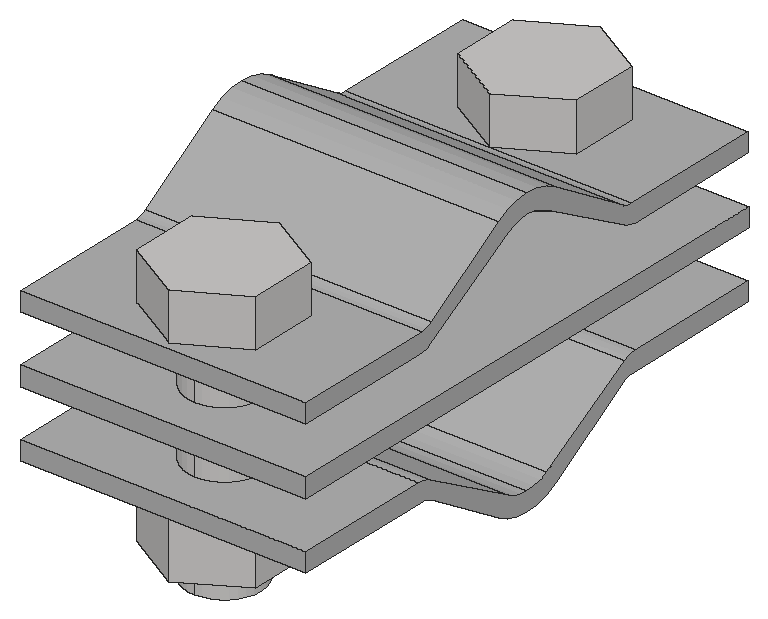
Revit family "DF_ЗажимПараллельный_Пруток_Пруток_8-10_EZETEK", category Соединительные детали воздуховодов, Revit 2017
Family settings
  Размер круглого соединителя = Использовать радиус
  Тип детали = Соединение
  На основе рабочей плоскости = Нет
  Всегда вертикально = Да
  При загрузке вырезать с полостями = Нет
  Общий = Нет
Parameters (values of type "ЗажимПараллельный_Стержень-Стержень_СтальОцинкованная_90550-2")
  Угол = 0.00°  # constant formula
  Тип = FA_ЗажимПараллельный_Пруток_Пруток_8-10_EZETEK : ЗажимПараллельный_Пруток_Пруток_СтальОцинкованная_90550-2
  Смещение_Коннекторы_По вертикали [instance] = if(Графика_Сместить_ПоВертикали, 7 mm, 0 mm)  # 0 mm
  СфераОшибки [instance] = if(or(ADSK_Размер_Радиус > 5 mm, ADSK_Размер_Радиус < 4 mm), 1 = 1, 1 = 0)  # no
  Смещение_Коннекторы_Длина [instance] = if(Графика_Сместить_ПоДлине, 50 mm, 1 mm)  # 50 mm
  Предупреждение [instance] = if(СфераОшибки, "Допустимые диаметры стержней: 8, 10", "")  # ""
  Описание = "Зажим позволяет выполнить соединение в параллельном направлении прутков диаметром 8-10 мм между собой. Зажим стягивается болтами М8."  # constant formula
  Группа модели = "Зажимы"  # constant formula
  Графика_Сместить_ПоДлине [instance] = yes
  Графика_Сместить_ПоВертикали [instance] = no
  Производитель_Контакты = "ezetek@ezetek.ru"  # constant formula
  built-in parameter 1114242 [instance] = 1 = 0  # (empty or 0)
  Изготовитель = "Ezetek"  # constant formula
  URL = "https://ezetek.ru/"
  R_Error [instance] = if(СфераОшибки, 200 mm, 1 mm)  # 1 mm
  ADSK_Этаж [instance] = ""
  ADSK_Размер_Радиус [instance] = 5 mm
  ADSK_Размер_Диаметр [instance] = ADSK_Размер_Радиус * 2  # 10 mm
  ADSK_Примечание [instance] = "Неспецифицируемое"  # constant formula
  ADSK_Позиция [instance] = "Неспецифицируемое"  # constant formula
  ADSK_Обозначение = "Неспецифицируемое"  # constant formula
  ADSK_Наименование краткое [instance] = "Неспецифицируемое"  # constant formula
  ADSK_Наименование = "Неспецифицируемое"  # constant formula
  ADSK_Материал = BIMLIB_Сталь_Оцинкованная_EZETEK
  ADSK_Масса_Текст = "Неспецифицируемое"  # constant formula
  ADSK_Масса = 0  # constant formula
  ADSK_Марка = "Неспецифицируемое"  # constant formula
  ADSK_Количество = 0  # constant formula
  ADSK_Код изделия = "Неспецифицируемое"  # constant formula
  ADSK_Завод-изготовитель = "Неспецифицируемое"  # constant formula
  ADSK_Единица измерения = "Неспецифицируемое"  # constant formula
  ADSK_Группирование [instance] = ""
  ADSK_Версия Revit = "2017"  # constant formula
Types (3, lengths in mm): name | Тип | Смещение_Коннекторы_По вертикали | Графика_Сместить_ПоВертикали | ADSK_Материал
  ЗажимПараллельный_Стержень-Стержень_Латунь_90553-2 | FA_ЗажимПараллельный_Пруток_Пруток_8-10_EZETEK : ЗажимПараллельный_Пруток_Пруток_Латунь_90553-2 | 7 | yes | BIMLIB_Латунь_EZETEK
  ЗажимПараллельный_Стержень-Стержень_СтальОцинкованная_90550-2 | FA_ЗажимПараллельный_Пруток_Пруток_8-10_EZETEK : ЗажимПараллельный_Пруток_Пруток_СтальОцинкованная_90550-2 | 0 | no | BIMLIB_Сталь_Оцинкованная_EZETEK
  ЗажимПараллельный_Стержень-Стержень_Медь_90552-2 | FA_ЗажимПараллельный_Пруток_Пруток_8-10_EZETEK : ЗажимПараллельный_Пруток_Пруток_Медь_90552-2 | 7 | yes | BIMLIB_Медь_EZETEK
Reference planes
  plane 1 "По центру (Вперед/Назад)": y = 0
  plane 2: z = 0
  plane 3 "По центру (Влево/Вправо)": x = 0
  plane 4 "U": z = 0
  plane 5 "L": z = 0
Forms (mm)
  Revolve 1, solid, visible <- "СфераОшибки"
    sketch origin (0, 0, 0) x (1, 0, 0) y (0, 1, 0)
      loop
        arc (1, 0) -> (0, 1) -> (-1, 0) r 1
        line (-1, 0) -> (1, 0)
      axis (1, 0) -> (-1, 0)
    angle from 0 to 360
Lines and regions (mm)
  reference lines
    curve 1: line (-1, 0, 0) -> (50, 0, 0)
    curve 2: line (1, 0, 0) -> (-50, 0, 0)
Dimensions and locks
  "Смещение_Коннекторы_По вертикали": plane 4 "U" to plane 2 to plane 5 "L"
  "Смещение_Коннекторы_Длина": curve 2 to plane 3 "По центру (Влево/Вправо)"
  locked: plane 3 "По центру (Влево/Вправо)" to curve 2 at 1
  "Смещение_Коннекторы_Длина": plane 3 "По центру (Влево/Вправо)" to curve 1
  curve 1 to plane 3 "По центру (Влево/Вправо)" = 1 mm
  "R_Error": radius of Revolve 1 sketch curve
  aligned and locked: level to plane 2
  aligned and locked: curve 1 to plane 4 "U"
  aligned and locked: plane 1 "По центру (Вперед/Назад)" to Revolve 1 sketch curve  (x2)
  aligned and locked: plane 5 "L" to curve 2
Automatic sketch dimensions
  plane 1 "По центру (Вперед/Назад)" to curve 1 = 0 mm
  plane 1 "По центру (Вперед/Назад)" to curve 2 = 0 mm
  plane 1 "По центру (Вперед/Назад)" to Revolve 1 sketch curve = 0 mm
  Revolve 1 sketch curve to plane 3 "По центру (Влево/Вправо)" = 0 mm
  Revolve 1 sketch curve to Revolve 1 sketch curve = 42.294 mm
  Revolve 1 sketch curve to Revolve 1 sketch curve = 33.119 mm
Nested families
  nested 1: "FA_ЗажимПараллельный_Пруток_Пруток_8-10_EZETEK" at (0, 0, 0) x (0, 1, 0) z (0, 0, 1), type <- "Тип", ADSK_Этаж <- "ADSK_Этаж", ADSK_Группирование <- "ADSK_Группирование", type "ЗажимПараллельный_Пруток_Пруток_СтальОцинкованная_90550-2", detail levels fine
    with Сместить стержни no, Использовать масштаб аннотаций 0, ADSK_Этаж "", ADSK_Примечание "", ADSK_Позиция "", ADSK_Наименование краткое "Зажим заземления", ADSK_Группирование ""
Connectors
  hvac at (50, 0, 0), driven by "ADSK_Размер_Радиус"
    settings: on curve 1, index 1, duct flow 0.0 L/s, flow factor 0, pres drop 0.0 Pa, loss coef 0, conn angle 0.00°, conn width 304.8 mm, conn height 304.8 mm, conn diameter 10 mm, duct sys type 1, conn prof type 0, flow config 0, flow direction 0, loss method 0, conn ref index 2, conn util no, is conn primary yes, conn desc ""
  hvac at (-50, 0, 0), driven by "ADSK_Размер_Радиус"
    settings: on curve 2, index 2, duct flow 0.0 L/s, flow factor 0, pres drop 0.0 Pa, loss coef 0, conn angle 0.00°, conn width 304.8 mm, conn height 304.8 mm, conn diameter 10 mm, duct sys type 1, conn prof type 0, flow config 0, flow direction 0, loss method 0, conn ref index 1, conn util no, is conn primary no, conn desc ""
Definition of nested family "FA_ЗажимПараллельный_Пруток_Пруток_8-10_EZETEK"
  Parameters (values of type "ЗажимПараллельный_Пруток_Пруток_Медь_90552-2")
    Угол = 90.00°  # constant formula
    Сместить стержни [instance] = yes
    Производитель_Контакты = "ezetek@ezetek.ru"  # constant formula
    Использовать масштаб аннотаций [instance] = 1 = 0  # 0
    Manufacturer = "Ezetek"  # constant formula
    Model = "Зажимы"  # constant formula
    URL = "https://ezetek.ru/"
    ADSK_Этаж [instance] = ""
    ADSK_Примечание [instance] = ""
    ADSK_Позиция [instance] = ""
    ADSK_Обозначение = "90552-2"
    ADSK_Наименование краткое [instance] = "Зажим соединительный"
    ADSK_Наименование = "Зажим соединительный пруток — пруток параллельный, медь"
    ADSK_Материал = none
    ADSK_Масса_Текст = "0.13"  # constant formula
    ADSK_Масса = 0.13  # constant formula
    ADSK_Марка = "90552-2"
    ADSK_Количество = 1  # constant formula
    ADSK_Код изделия = "90552-2"
    ADSK_Завод-изготовитель = "Ezetek"  # constant formula
    ADSK_Единица измерения = "шт."  # constant formula
    ADSK_Группирование [instance] = ""
    ADSK_Версия Revit = "2017"  # constant formula
  Types (3, lengths in mm): name | Сместить стержни | ADSK_Обозначение | ADSK_Наименование | ADSK_Марка | ADSK_Код изделия
    ЗажимПараллельный_Пруток_Пруток_Медь_90552-2 | yes | "90552-2" | "Зажим соединительный пруток — пруток параллельный, медь" | "90552-2" | "90552-2"
    ЗажимПараллельный_Пруток_Пруток_СтальОцинкованная_90550-2 | yes | "90550-2" | "Зажим соединительный пруток — пруток параллельный, оцинк." | "90550-2" | "90550-2"
    ЗажимПараллельный_Пруток_Пруток_Латунь_90553-2 | no | "90553-2" | "Зажим соединительный пруток — пруток параллельный, латунь" | "90553-2" | "90553-2"
  Reference planes
    plane 1 "По центру (Вперед/Назад)": y = 0
    plane 2: z = 0
    plane 3 "По центру (Влево/Вправо)": x = 0
    plane 4: z = 1
    plane 5: z = -1
    plane 6: z = 8
    plane 7 "Up": z = 6
    plane 8: z = -6
    plane 9: z = -8
    plane 10: z = 13
    plane 11: z = -14.4
    plane 12: z = -17.11
    plane 13: z = 7
    plane 14: z = -7
    plane 15 "M": y = 0
    plane 16 "U": z = 9.5
    plane 17 "L": z = -9.5
    plane 18: z = -9.5
    plane 19: x = 0
    plane 20: x = -29
    plane 21: x = 29
    plane 22: x = -21
    plane 23: x = 21
  Forms (mm)
    Extrusion 1, solid, material <- "ADSK_Материал", detail levels fine
      sketch origin (0, 0, 0) x (1, 0, 0) y (0, 1, 0)
        loop
          line (-29, 15) -> (-29, -15) -> (29, -15) -> (29, 15) -> (-29, 15)
      from 1 to -1
    Extrusion 2, solid, detail levels fine
      sketch origin (15, 0, 0) x (1, 0, 0) y (0, 1, 0)
        loop
          line (-39.603, 6.24) -> (-43.205, 0) -> (-39.603, -6.24) -> (-32.397, -6.24) -> (-28.795, 0) -> (-32.397, 6.24) -> (-39.603, 6.24)
      from 13 to 8
    Extrusion 3, solid, detail levels fine
      sketch origin (57, 0, 0) x (1, 0, 0) y (0, 1, 0)
        loop
          line (-39.603, 6.24) -> (-43.205, 0) -> (-39.603, -6.24) -> (-32.397, -6.24) -> (-28.795, 0) -> (-32.397, 6.24) -> (-39.603, 6.24)
      from 13 to 8
    Extrusion 4, solid, detail levels fine
      sketch origin (15, 0, 0) x (1, 0, 0) y (0, 1, 0)
        loop
          line (-39.603, 6.24) -> (-43.205, 0) -> (-39.603, -6.24) -> (-32.397, -6.24) -> (-28.795, 0) -> (-32.397, 6.24) -> (-39.603, 6.24)
      from -8 to -14.4
    Extrusion 5, solid, detail levels fine
      sketch origin (57, 0, 0) x (1, 0, 0) y (0, 1, 0)
        loop
          line (-39.603, 6.24) -> (-43.205, 0) -> (-39.603, -6.24) -> (-32.397, -6.24) -> (-28.795, 0) -> (-32.397, 6.24) -> (-39.603, 6.24)
      from -8 to -14.4
    Extrusion 6, solid, detail levels fine
      sketch origin (15, 0, 0) x (1, 0, 0) y (0, 1, 0)
        loop
          circle (-36, 0) r 3.9
      from 8 to -17.11
    Extrusion 7, solid, detail levels fine
      sketch origin (57, 0, 0) x (1, 0, 0) y (0, 1, 0)
        loop
          circle (-36, 0) r 3.9
      from 8 to -17.11
    Blend 8, solid, material <- "ADSK_Материал", detail levels fine
      base sketch origin (0, 0, 0) x (1, 0, 0) y (0, 0, 1)
        loop
          line (14.198, 6) -> (29, 6) -> (29, 8) -> (13.745, 8)
          arc (13.745, 8) -> (13.088, 8.094) -> (12.483, 8.367) r 2.354
          line (12.483, 8.367) -> (3.752, 13.91)
          arc (3.752, 13.91) -> (1.953, 14.722) -> (0, 15) r 7
          arc (0, 15) -> (-1.953, 14.722) -> (-3.752, 13.91) r 7
          line (-3.752, 13.91) -> (-12.483, 8.367)
          arc (-12.483, 8.367) -> (-13.088, 8.094) -> (-13.745, 8) r 2.354
          line (-13.745, 8) -> (-29, 8) -> (-29, 6) -> (-14.198, 6)
          arc (-14.198, 6) -> (-13.451, 6.099) -> (-12.755, 6.388) r 2.877
          line (-12.755, 6.388) -> (-2.507, 12.326)
          arc (-2.507, 12.326) -> (-1.298, 12.829) -> (0, 13) r 5
          arc (0, 13) -> (1.298, 12.829) -> (2.507, 12.326) r 5
          line (2.507, 12.326) -> (12.755, 6.388)
          arc (12.755, 6.388) -> (13.451, 6.099) -> (14.198, 6) r 2.877
      top sketch origin (0, 0, 0) x (1, 0, 0) y (0, 0, 1)
        loop
          line (-29, 8) -> (-29, 6) -> (-14.198, 6)
          arc (-14.198, 6) -> (-13.451, 6.099) -> (-12.755, 6.388) r 2.877
          line (-12.755, 6.388) -> (-2.507, 12.326)
          arc (-2.507, 12.326) -> (-1.298, 12.829) -> (0, 13) r 5
          arc (0, 13) -> (1.298, 12.829) -> (2.507, 12.326) r 5
          line (2.507, 12.326) -> (12.755, 6.388)
          arc (12.755, 6.388) -> (13.451, 6.099) -> (14.198, 6) r 2.877
          line (14.198, 6) -> (29, 6) -> (29, 8) -> (13.745, 8)
          arc (13.745, 8) -> (13.088, 8.094) -> (12.483, 8.367) r 2.354
          line (12.483, 8.367) -> (3.752, 13.91)
          arc (3.752, 13.91) -> (1.953, 14.722) -> (0, 15) r 7
          arc (0, 15) -> (-1.953, 14.722) -> (-3.752, 13.91) r 7
          line (-3.752, 13.91) -> (-12.483, 8.367)
          arc (-12.483, 8.367) -> (-13.088, 8.094) -> (-13.745, 8) r 2.354
          line (-13.745, 8) -> (-29, 8)
      from 15 to -15
    Blend 9, solid, material <- "ADSK_Материал", detail levels fine
      base sketch origin (0, 0, 0) x (1, 0, 0) y (0, 0, 1)
        loop
          arc (14.198, -6) -> (13.451, -6.099) -> (12.755, -6.388) r 2.877
          line (12.755, -6.388) -> (2.507, -12.326)
          arc (2.507, -12.326) -> (1.298, -12.829) -> (0, -13) r 5
          arc (0, -13) -> (-1.298, -12.829) -> (-2.507, -12.326) r 5
          line (-2.507, -12.326) -> (-12.755, -6.388)
          arc (-12.755, -6.388) -> (-13.451, -6.099) -> (-14.198, -6) r 2.877
          line (-14.198, -6) -> (-29, -6) -> (-29, -8) -> (-13.745, -8)
          arc (-13.745, -8) -> (-13.088, -8.094) -> (-12.483, -8.367) r 2.354
          line (-12.483, -8.367) -> (-3.752, -13.91)
          arc (-3.752, -13.91) -> (-1.953, -14.722) -> (0, -15) r 7
          arc (0, -15) -> (1.953, -14.722) -> (3.752, -13.91) r 7
          line (3.752, -13.91) -> (12.483, -8.367)
          arc (12.483, -8.367) -> (13.088, -8.094) -> (13.745, -8) r 2.354
          line (13.745, -8) -> (29, -8) -> (29, -6) -> (14.198, -6)
      top sketch origin (0, 0, 0) x (1, 0, 0) y (0, 0, 1)
        loop
          line (-29, -8) -> (-13.745, -8)
          arc (-13.745, -8) -> (-13.088, -8.094) -> (-12.483, -8.367) r 2.354
          line (-12.483, -8.367) -> (-3.752, -13.91)
          arc (-3.752, -13.91) -> (-1.953, -14.722) -> (0, -15) r 7
          arc (0, -15) -> (1.953, -14.722) -> (3.752, -13.91) r 7
          line (3.752, -13.91) -> (12.483, -8.367)
          arc (12.483, -8.367) -> (13.088, -8.094) -> (13.745, -8) r 2.354
          line (13.745, -8) -> (29, -8) -> (29, -6) -> (14.198, -6)
          arc (14.198, -6) -> (13.451, -6.099) -> (12.755, -6.388) r 2.877
          line (12.755, -6.388) -> (2.507, -12.326)
          arc (2.507, -12.326) -> (1.298, -12.829) -> (0, -13) r 5
          arc (0, -13) -> (-1.298, -12.829) -> (-2.507, -12.326) r 5
          line (-2.507, -12.326) -> (-12.755, -6.388)
          arc (-12.755, -6.388) -> (-13.451, -6.099) -> (-14.198, -6) r 2.877
          line (-14.198, -6) -> (-29, -6) -> (-29, -8)
      from 15 to -15
  Dimensions and locks
    locked: plane 2 to plane 5 at 1
    locked: plane 4 to plane 2 at 1
    plane 4 to plane 5 = 2 mm
    locked: plane 6 to plane 7 "Up" at 2
    locked: plane 8 to plane 9 at 2
    locked: plane 10 to plane 6 at 5
    locked: plane 7 "Up" to plane 4 at 5
    locked: plane 5 to plane 8 at 5
    locked: plane 9 to plane 11 at 6.4
    locked: plane 11 to plane 12 at 2.71
    equal spacing: plane 6, plane 13, plane 7 "Up"
    equal spacing: plane 8, plane 14, plane 9
    locked: plane 20 to plane 3 "По центру (Влево/Вправо)" at 29
    locked: plane 21 to plane 3 "По центру (Влево/Вправо)" at 29
    locked: plane 22 to plane 3 "По центру (Влево/Вправо)" at 21
    locked: plane 23 to plane 3 "По центру (Влево/Вправо)" at 21
    aligned and locked: level to plane 2
    aligned and locked: Extrusion 1 to plane 5
    aligned and locked: plane 4 to Extrusion 1
    aligned and locked: plane 10 to Extrusion 2
    aligned and locked: Extrusion 2 to plane 6
    aligned and locked: Extrusion 4 to plane 11
    aligned and locked: plane 9 to Extrusion 4
    aligned and locked: plane 6 to Extrusion 6
    aligned and locked: Extrusion 6 to plane 12
    aligned and locked: Extrusion 1 sketch curve to plane 20
    aligned and locked: Extrusion 1 sketch curve to plane 21
  Automatic sketch dimensions
    plane 1 "По центру (Вперед/Назад)" to Extrusion 1 sketch curve = 15 mm
    Extrusion 1 sketch curve to plane 1 "По центру (Вперед/Назад)" = 15 mm
    plane 1 "По центру (Вперед/Назад)" to Extrusion 2 sketch curve = 0 mm  (x2)
    Extrusion 2 sketch curve to plane 20 = 0.795 mm
    plane 22 to Extrusion 2 sketch curve = 3.603 mm  (x2)
    Extrusion 2 sketch curve to plane 22 = 3.603 mm  (x2)
    Extrusion 2 sketch curve to plane 22 = 7.205 mm
    plane 1 "По центру (Вперед/Назад)" to Extrusion 2 sketch curve = 6.24 mm
    Extrusion 2 sketch curve to plane 1 "По центру (Вперед/Назад)" = 6.24 mm
    plane 1 "По центру (Вперед/Назад)" to Extrusion 3 sketch curve = 0 mm  (x2)
    Extrusion 3 sketch curve to plane 23 = 7.205 mm
    Extrusion 3 sketch curve to plane 23 = 3.603 mm  (x2)
    plane 23 to Extrusion 3 sketch curve = 3.603 mm  (x2)
    Extrusion 3 sketch curve to plane 21 = 0.795 mm
    plane 1 "По центру (Вперед/Назад)" to Extrusion 3 sketch curve = 6.24 mm
    Extrusion 3 sketch curve to plane 1 "По центру (Вперед/Назад)" = 6.24 mm
    plane 1 "По центру (Вперед/Назад)" to Extrusion 4 sketch curve = 0 mm  (x2)
    Extrusion 4 sketch curve to plane 20 = 0.795 mm
    plane 22 to Extrusion 4 sketch curve = 3.603 mm  (x2)
    Extrusion 4 sketch curve to plane 22 = 3.603 mm  (x2)
    Extrusion 4 sketch curve to plane 22 = 7.205 mm
    plane 1 "По центру (Вперед/Назад)" to Extrusion 4 sketch curve = 6.24 mm
    Extrusion 4 sketch curve to plane 1 "По центру (Вперед/Назад)" = 6.24 mm
    plane 1 "По центру (Вперед/Назад)" to Extrusion 5 sketch curve = 0 mm  (x2)
    Extrusion 5 sketch curve to plane 23 = 7.205 mm
    Extrusion 5 sketch curve to plane 23 = 3.603 mm  (x2)
    plane 23 to Extrusion 5 sketch curve = 3.603 mm  (x2)
    Extrusion 5 sketch curve to plane 21 = 0.795 mm
    plane 1 "По центру (Вперед/Назад)" to Extrusion 5 sketch curve = 6.24 mm
    Extrusion 5 sketch curve to plane 1 "По центру (Вперед/Назад)" = 6.24 mm
    plane 1 "По центру (Вперед/Назад)" to Extrusion 6 sketch curve = 0 mm
    Extrusion 6 sketch curve to plane 22 = 0 mm
    plane 1 "По центру (Вперед/Назад)" to Extrusion 7 sketch curve = 0 mm
    Extrusion 7 sketch curve to plane 23 = 0 mm
    Blend 8 sketch curve to Blend 8 sketch curve = 0 mm  (x24)
    Blend 8 sketch curve to plane 6 = 0 mm  (x6)
    plane 20 to Blend 8 sketch curve = 0 mm  (x2)
    Blend 8 sketch curve to plane 7 "Up" = 0 mm  (x4)
    Blend 8 sketch curve to plane 3 "По центру (Влево/Вправо)" = 0 mm  (x2)
    Blend 8 sketch curve to plane 21 = 0 mm  (x2)
    Blend 8 sketch curve to plane 10 = 0 mm  (x2)
    Blend 8 sketch curve to plane 16 "U" = 0.623 mm  (x2)
    Blend 8 sketch curve to plane 22 = 6.802 mm  (x2)
    Blend 8 sketch curve to Blend 8 sketch curve = 0.453 mm  (x2)
    plane 7 "Up" to Blend 8 sketch curve = 0.388 mm  (x4)
    plane 6 to Blend 8 sketch curve = 0.367 mm  (x4)
    Blend 8 sketch curve to Blend 8 sketch curve = 1.262 mm  (x2)
    plane 10 to Blend 8 sketch curve = 0.91 mm  (x4)
    Blend 8 sketch curve to plane 3 "По центру (Влево/Вправо)" = 3.752 mm  (x2)
    Blend 8 sketch curve to plane 10 = 0.674 mm  (x4)
    Blend 8 sketch curve to plane 23 = 8.517 mm  (x2)
    Blend 8 sketch curve to Blend 8 sketch curve = 0.272 mm  (x2)
    plane 16 "U" to Blend 8 sketch curve = 0.854 mm  (x2)
    Blend 8 sketch curve to Blend 8 sketch curve = 1.442 mm  (x2)
    Blend 9 sketch curve to Blend 9 sketch curve = 0 mm  (x24)
    Blend 9 sketch curve to plane 9 = 0 mm  (x6)
    plane 20 to Blend 9 sketch curve = 0 mm  (x2)
    Blend 9 sketch curve to plane 8 = 0 mm  (x4)
    Blend 9 sketch curve to plane 3 "По центру (Влево/Вправо)" = 0 mm  (x2)
    Blend 9 sketch curve to plane 21 = 0 mm  (x2)
    plane 17 "L" to Blend 9 sketch curve = 0.623 mm  (x2)
    Blend 9 sketch curve to plane 22 = 6.802 mm  (x2)
    Blend 9 sketch curve to Blend 9 sketch curve = 0.453 mm  (x2)
    Blend 9 sketch curve to plane 8 = 0.388 mm  (x4)
    Blend 9 sketch curve to plane 9 = 0.367 mm  (x4)
    Blend 9 sketch curve to Blend 9 sketch curve = 1.262 mm  (x2)
    plane 11 to Blend 9 sketch curve = 0.49 mm  (x4)
    Blend 9 sketch curve to plane 3 "По центру (Влево/Вправо)" = 3.752 mm  (x2)
    Blend 9 sketch curve to Blend 9 sketch curve = 1.245 mm  (x2)
    plane 3 "По центру (Влево/Вправо)" to Blend 9 sketch curve = 2.507 mm  (x2)
    Blend 9 sketch curve to plane 23 = 8.517 mm  (x2)
    Blend 9 sketch curve to Blend 9 sketch curve = 0.272 mm  (x2)
    Blend 9 sketch curve to plane 17 "L" = 0.854 mm  (x2)
    Blend 9 sketch curve to Blend 9 sketch curve = 1.442 mm  (x2)
    Blend 9 sketch curve to Blend 9 sketch curve = 1.584 mm  (x2)
    radius of Extrusion 6 sketch curve = 3.9 mm
    radius of Extrusion 7 sketch curve = 3.9 mm
